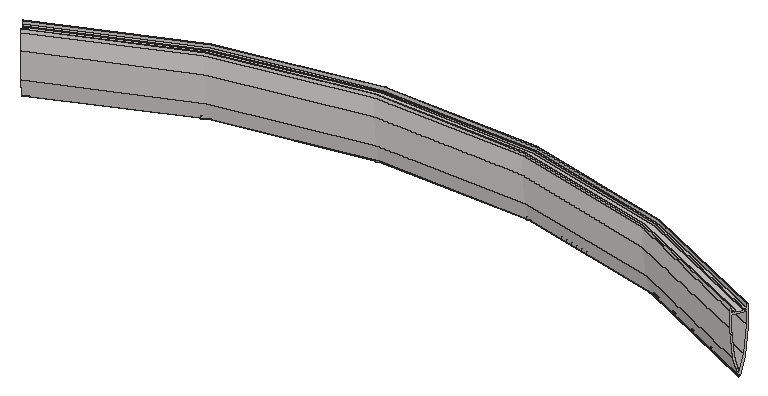
Revit family "e4426eff-8cfc-4998-890a-6ba909027ef1", category Specialty Equipment, Revit 2016
Family settings
  Part Type = Normal
  Round Connector Dimension = Use Diameter
  OmniClass Number = 23.35.70.24.11
  OmniClass Title = Suspended Ceilings
  Work Plane-Based = Yes
  Always vertical = Yes
  Cut with Voids When Loaded = No
  Shared = No
  Room Calculation Point = No
Parameters (values of type "Parametric")
  ecoScorecard_data = ""
  ecoScorecard Product Page = ""
  Warranty URL = "http://assets.hunterdouglascontract.com/documents/ceilings/metalsystems/limited_warranty_1.pdf"
  VOC Data URL = "http://assets.hunterdouglascontract.com/documents/ceilings/metalsystems/Metal1_-_Greenguard_Gold_Certificate.pdf?modDate=1386600944000"
  URL = "http://www.hunterdouglascontract.com/home/index.jsp"
  Type Comments = ""
  Technical Information = "http://assets.hunterdouglascontract.com/documents/ceilings/metalsystems/High_Profile_Series_Curved_Baffle_Ceiling_Specification.doc?modDate=1395774936000"
  Submittal URL = ""
  Subcategory = "Metal – High Profile"  # constant formula
  Smoke Developed Index = "≤ 50"  # constant formula
  Seismic Info URL = ""
  Recycled Content Percentage = "Min 70%"  # constant formula
  Recyclable = yes
  Radius = 72"
  Product Page URL = "http://www.hunterdouglascontract.com/ceilings/highprofileseriesHPS/highprofileseriesCurved/index.jsp"
  Product Line = "High Profile - Curved"  # constant formula
  Perforation Pattern Info URL = ""
  Panel Length Range = "2'-20'"  # constant formula
  Panel = Metal - HunterDouglas - Steel Stain
  Offset = Radius - Apothem  # 9.64617"
  Mold Resistant = yes
  Model = "Aero Profile"  # constant formula
  Minimum Radius = 48"  # constant formula
  Material = "Aluminum"  # constant formula
  Manufacturer Phone = "800-366-4327"  # constant formula
  Manufacturer Fax = "770-806-0214"  # constant formula
  Manufacturer Email = "mailto:ceilings@hunterdouglas.com"
  Manufacturer Address = "5015 Oakbrook Parkway, Suite 100, Norcross GA 30093"  # constant formula
  Manufacturer = "Hunter Douglas Luxalon Metal Ceilings"  # constant formula
  Light Reflectance Average = 0
  Keynote = ""
  Installation URL = ""
  Humidity and Sag Resistant = yes
  High Durability = yes
  Height = 6 3/8"  # constant formula
  HPD URL = "In Process"
  GREENGUARD URL = "http://assets.hunterdouglascontract.com/documents/ceilings/metalsystems/Metal1_-_Greenguard_Gold_Certificate.pdf?modDate=1386600944000"
  GREENGUARD Certified = yes
  Flame Spread Index = "≤ 25"  # constant formula
  Fire Rating = "Class A"  # constant formula
  EPD URL = "In Process"
  Different Colors Available = yes
  Description = "Curved High Profile Baffle"  # constant formula
  Default Elevation = 0"
  Cost Info = "mailto:ceilings@hunterdouglas.com"
  Copyright = "© Hunter Douglas Inc., All rights reserved."
  Chord Length = (2 * CTRL Radius) * (sin(0.5 * (CTRL Angle)))  # 72"
  CTRL Radius = if(Radius < 48", 48", Radius)  # 72"
  CTRL Half Angle = CTRL Angle / 2  # 30.00°
  CTRL Angle = if(Angle > 180.00°, 180.00°, if(Angle < 3.00°, 3.00°, Angle))  # 60.00°
  Assembly Code = "C3030210"
  Arc Length = (2 * 3.14 * CTRL Radius * (CTRL Angle / 360.00°))  # 75.36"
  Apothem = ((cos(CTRL Half Angle)) * CTRL Radius)  # 62.35383"
  Angle = 60.00°
  Additional Resources Note = "Product details, finishes, construction details, and more can be accessed on the Product Page URL."  # constant formula
  95 CSI = "09510"  # constant formula
  04 CSI = "09 51 00"  # constant formula
Reference planes (in)
  plane 1 "Center (Front/Back)": y = -1.91743
  plane 2: z = 0
  plane 3 "Center (Left/Right)": x = 0
  plane 4: z = 6.375
  plane 5: y = 7.72874
  plane 6: x = -36
  plane 7: x = 36
  plane 8: z = 5.84375
Dimensions and locks (in)
  locked: plane 4 to level at 6.375
  equal spacing: plane 6, plane 3 "Center (Left/Right)", plane 7
  "Chord Length": plane 6 to plane 7
  "Offset": plane 1 "Center (Front/Back)" to plane 5
  locked: plane 4 to plane 8 at 0.53125
  aligned and locked: level to plane 2
  aligned and locked: plane 3 "Center (Left/Right)" to nested 1
  aligned and locked: nested 1 to plane 1 "Center (Front/Back)"
Nested families (in)
  nested 1: "Aero Profile" at (0, -52.27126, 0), type "Aero Profile"
    with Radius 72", Chord Length 72", CTRL Radius 72", CTRL Half Angle 30.00°, CTRL Angle 60.00°, Arc Length 75.36", Apothem 62.35383", Angle 60.00°
Definition of nested family "Aero Profile"
  Parameters
    Radius = 60"
    Panel = none
    Default Elevation = 48"
    Chord Length = (2 * CTRL Radius) * (sin(0.5 * CTRL Angle))  # 45.92201"
    CTRL Radius = if(Radius < 48", 48", Radius)  # 60"
    CTRL Half Angle = CTRL Angle / 2  # 22.50°
    CTRL Angle = if(Angle > 180.00°, 180.00°, if(Angle < 1.00°, 1.00°, Angle))  # 45.00°
    Arc Length = (2 * 3.14 * CTRL Radius * (CTRL Angle / 360.00°))  # 47.1"
    Apothem = ((cos(CTRL Half Angle)) * CTRL Radius)  # 55.43277"
    Angle = 45.00°
  Reference planes (in)
    plane 1 "Center (Front/Back)": y = -12
    plane 2: z = 0
    plane 3 "Center (Left/Right)": x = 0
    plane 4: x = -22.96101
    plane 5: x = 22.96101
    plane 6: y = 48
    plane 7: y = -12
    plane 8: y = 43.43277
  Forms (in)
    Sweep 1, solid, material <- "Panel", detail levels coarse+medium
      path in 3D
        loop
          arc (22.96101, 43.43277, 0) -> (0, 48, 0) -> (-22.96101, 43.43277, 0) r 60
      profile "Aero-Medium : Aero" origin (0, 48, 0) x (0, -1, 0) y (0, 0, 1)
        loop
          line (0.66919, 5.7305) -> (-0.66919, 5.7305)
          arc (-0.66919, 5.7305) -> (-0.68173, 5.11405) -> (-0.6908, 4.49754) r 109.63687
          arc (-0.6908, 4.49754) -> (-0.61751, 3.21992) -> (-0.42356, 1.95499) r 13.49817
          arc (-0.42356, 1.95499) -> (-0.25967, 1.1455) -> (-0.03467, 0.35083) r 10.8484
          arc (-0.03467, 0.35083) -> (0, 0.31616) -> (0.03467, 0.35083) r 0.03467
          arc (0.03467, 0.35083) -> (0.25967, 1.1455) -> (0.42356, 1.95499) r 10.8484
          arc (0.42356, 1.95499) -> (0.61751, 3.21992) -> (0.6908, 4.49754) r 13.49817
          arc (0.6908, 4.49754) -> (0.68173, 5.11405) -> (0.66919, 5.7305) r 109.63687
        loop
          line (0.71574, 6.37541) -> (0.63522, 6.37541) -> (0.66527, 6.0555) -> (-0.66527, 6.0555) -> (-0.63522, 6.37541) -> (-0.71574, 6.37541) -> (-0.74322, 6.08293)
          arc (-0.74322, 6.08293) -> (-0.79471, 5.24878) -> (-0.79272, 4.41304) r 13.05368
          arc (-0.79272, 4.41304) -> (-0.68834, 3.02537) -> (-0.47152, 1.65077) r 17.10791
          arc (-0.47152, 1.65077) -> (-0.28067, 0.83212) -> (-0.03802, 0.02731) r 13.17578
          arc (-0.03802, 0.02731) -> (0, 0) -> (0.03802, 0.02731) r 0.04011
          arc (0.03802, 0.02731) -> (0.28067, 0.83212) -> (0.47152, 1.65077) r 13.17578
          arc (0.47152, 1.65077) -> (0.68834, 3.02537) -> (0.79272, 4.41304) r 17.10791
          arc (0.79272, 4.41304) -> (0.79471, 5.24878) -> (0.74322, 6.08293) r 13.05368
          line (0.74322, 6.08293) -> (0.71574, 6.37541)
    Sweep 2, solid, material <- "Panel", detail levels fine
      path in 3D
        loop
          arc (22.96101, 43.43277, 0) -> (0, 48, 0) -> (-22.96101, 43.43277, 0) r 60
      profile "Aero-High : Aero" origin (0, 48, 0) x (0, -1, 0) y (0, 0, 1)
        loop
          line (0.66919, 5.7305) -> (-0.66919, 5.7305)
          arc (-0.66919, 5.7305) -> (-0.68173, 5.11405) -> (-0.6908, 4.49754) r 109.63687
          arc (-0.6908, 4.49754) -> (-0.61751, 3.21992) -> (-0.42356, 1.95499) r 13.49817
          arc (-0.42356, 1.95499) -> (-0.25967, 1.1455) -> (-0.03467, 0.35083) r 10.8484
          arc (-0.03467, 0.35083) -> (0, 0.31616) -> (0.03467, 0.35083) r 0.03467
          arc (0.03467, 0.35083) -> (0.25967, 1.1455) -> (0.42356, 1.95499) r 10.8484
          arc (0.42356, 1.95499) -> (0.61751, 3.21992) -> (0.6908, 4.49754) r 13.49817
          arc (0.6908, 4.49754) -> (0.68173, 5.11405) -> (0.66919, 5.7305) r 109.63687
        loop
          line (-0.66527, 6.0555) -> (-0.63522, 6.37541) -> (-0.71574, 6.37541) -> (-0.74322, 6.08293)
          arc (-0.74322, 6.08293) -> (-0.79471, 5.24878) -> (-0.79272, 4.41304) r 13.05368
          arc (-0.79272, 4.41304) -> (-0.68834, 3.02537) -> (-0.47152, 1.65077) r 17.10791
          arc (-0.47152, 1.65077) -> (-0.28067, 0.83212) -> (-0.03802, 0.02731) r 13.17578
          arc (-0.03802, 0.02731) -> (0, 0) -> (0.03802, 0.02731) r 0.04011
          arc (0.03802, 0.02731) -> (0.28067, 0.83212) -> (0.47152, 1.65077) r 13.17578
          arc (0.47152, 1.65077) -> (0.68834, 3.02537) -> (0.79272, 4.41304) r 17.10791
          arc (0.79272, 4.41304) -> (0.79471, 5.24878) -> (0.74322, 6.08293) r 13.05368
          line (0.74322, 6.08293) -> (0.71574, 6.37541) -> (0.63522, 6.37541) -> (0.66527, 6.0555) -> (0.385, 6.0555) -> (0.385, 5.9465) -> (0.455, 5.9465) -> (0.455, 5.97746) -> (0.6625, 5.97746) -> (0.6625, 5.82918) -> (-0.6625, 5.82918) -> (-0.6625, 5.97746) -> (-0.455, 5.97746) -> (-0.455, 5.9465) -> (-0.385, 5.9465) -> (-0.385, 6.0555) -> (-0.66527, 6.0555)
  Lines and regions (in)
    Masking region 1
      outline origin (0, 0, 0) x (1, 0, 0) y (0, 1, 0)
        loop
          line (-23.23491, 44.09403) -> (-22.6871, 42.77151)
          arc (-22.6871, 42.77151) -> (0, 47.28426) -> (22.6871, 42.77151) r 59.28426
          line (22.6871, 42.77151) -> (23.23491, 44.09403)
          arc (23.23491, 44.09403) -> (0, 48.71574) -> (-23.23491, 44.09403) r 60.71574
    reference lines
      curve 1: line (0, -12, 0) -> (-15.30734, 24.95518, 0)
      curve 2: line (0, -12, 0) -> (15.30734, 24.95518, 0)
      curve 3: arc (22.96101, 43.43277, 0) -> (0, 48, 0) -> (-22.96101, 43.43277, 0) r 60
    sketch lines
      curve 4: arc (22.96101, 43.43277, 0) -> (0, 48, 0) -> (-22.96101, 43.43277, 0) r 60
      curve 5: arc (22.96101, 43.43277, 0) -> (0, 48, 0) -> (-22.96101, 43.43277, 0) r 60
    symbolic lines
      curve 6: line (-23.20409, 44.01964, 0) -> (-22.71792, 42.84591, 0)
      curve 8: arc (-23.20409, 44.01964, 0) -> (0, 48.63522, 0) -> (23.20409, 44.01964, 0) r 60.63522
      curve 10: arc (-22.71792, 42.84591, 0) -> (0, 47.36478, 0) -> (22.71792, 42.84591, 0) r 59.36478
      curve 11: line (23.20409, 44.01964, 0) -> (22.71792, 42.84591, 0)
    symbolic lines, detail levels medium+fine
      curve 7: arc (23.10834, 43.78846, 0) -> (0, 48.385, 0) -> (-23.10834, 43.78846, 0) r 60.385
      curve 9: arc (22.81367, 43.07708, 0) -> (0, 47.615, 0) -> (-22.81367, 43.07708, 0) r 59.615
  Dimensions and locks (in)
    equal spacing: plane 4, plane 3 "Center (Left/Right)", plane 5
    "Chord Length": plane 4 to plane 5
    "Radius": plane 7 to plane 6
    "Apothem": plane 8 to plane 7
    "CTRL Radius": radius of curve 3
    "CTRL Half Angle": angle plane 3 "Center (Left/Right)" to curve 1
    "CTRL Half Angle": angle curve 2 to plane 3 "Center (Left/Right)"
    aligned and locked: plane 2 to level
    aligned and locked: plane 7 to curve 1
    aligned and locked: plane 3 "Center (Left/Right)" to curve 3
    aligned and locked: plane 7 to curve 3
    aligned and locked: plane 1 "Center (Front/Back)" to plane 7
    aligned and locked: Sweep 2 to curve 6
    aligned and locked: curve 7 to Sweep 2
    aligned and locked: curve 8 to Sweep 2
    aligned and locked: curve 9 to Sweep 2
    aligned and locked: curve 10 to Sweep 2
    aligned and locked: Sweep 2 to curve 11
    aligned and locked: Sweep 1 to Masking region 1 sketch curve  (x2)
    aligned and locked: Masking region 1 sketch curve to Sweep 2  (x2)
  Automatic sketch dimensions
    curve 2 to plane 3 "Center (Left/Right)" = 0"
